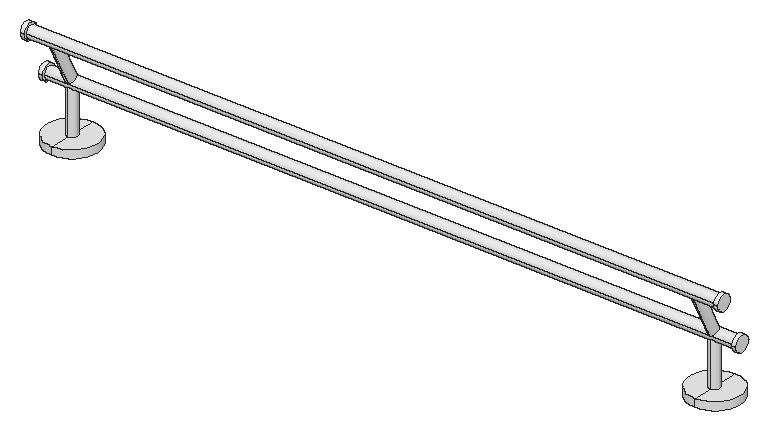
Revit family "Towel Rail-Double-Caroma Liano", category Specialty Equipment, host Face, Revit 2013
Parameters (values of type "Standard")
  URL = "http://www.caroma.com.au/"
  Type Comments = "Caroma Liano Double Towel Rail"  # constant formula
  Size = 1
  ModifiedIssue_ANZRS = 1  # constant formula
  Model = "96121C"  # constant formula
  Material_ANZRS = Metal-Chrome-Caroma
  Manufacturer = "GWA Bathrooms & Kitchens"  # constant formula
  Length_ANZRS = 760 mm  # constant formula
  Description = ""
  Default Elevation = 900 mm
  CreatedBy_ANZRS = "Design Content"  # constant formula
  CreatedByURL_ANZRS = "www.designcontent.com.au"
  Cost = 0
  Assembly Code = "C1030200"
Reference planes
  plane 1 "Center (Elevation)": y = 0
  plane 2 "Back": z = 0
  plane 3 "Center (Left/Right)": x = 0
  plane 4 "Left": x = -380
  plane 5 "Right": x = 380
  plane 6 "Top": y = 29.966
  plane 7 "Bottom": y = -30
  plane 8 "Front": z = 129
Forms (mm)
  Revolve 1, solid, material "Metal-Chrome-Caroma" <- "Material_ANZRS"
    sketch origin (-380, 0, 0) x (0, 1, 0) y (0, 0, 1)
      loop
        line (0, 0) -> (29.966, 0) -> (29.966, 9) -> (6, 9) -> (6, 65.399) -> (0, 65.399) -> (0, 0)
      axis (0, 65.399) -> (0, 0)
    angle from 0 to 360
  Extrusion 2, solid, material "Metal-Chrome-Caroma" <- "Material_ANZRS"
    sketch origin (0, 0, 0) x (0, 1, 0) y (0, 0, 1)
      loop
        circle (-26.896, 120.145) r 7
      loop
        circle (0, 64.985) r 7
    from -407.5 to 407.5
  Revolve 3, solid, material "Metal-Chrome-Caroma" <- "Material_ANZRS"
    sketch origin (380, 0, 0) x (0, 1, 0) y (0, 0, 1)
      loop
        line (0, 0) -> (29.966, 0) -> (29.966, 9) -> (6, 9) -> (6, 65.399) -> (0, 65.399) -> (0, 0)
      axis (0, 65.399) -> (0, 0)
    angle from 0 to 360
  Revolve 4, solid, material "Metal-Chrome-Caroma" <- "Material_ANZRS"
    sketch origin (-380, 0, 0) x (0, 1, 0) y (0, 0, 1)
      loop
        line (0, 65) -> (5.393, 67.63) -> (-21.679, 123.135) -> (-27.072, 120.505) -> (0, 65)
      axis (0, 65) -> (-27.072, 120.505)
    angle from 0 to 360
  Extrusion 5, solid, material "Metal-Chrome-Caroma" <- "Material_ANZRS"
    sketch origin (0, 0, 0) x (0, 1, 0) y (0, 0, 1)
      loop
        circle (-26.896, 120.145) r 9
      loop
        circle (0, 64.985) r 9
    from -412.5 to -407.5
  Extrusion 6, solid, material "Metal-Chrome-Caroma" <- "Material_ANZRS"
    sketch origin (0, 0, 0) x (0, 1, 0) y (0, 0, -1)
      loop
        circle (-26.896, -120.145) r 9
      loop
        circle (0, -64.985) r 9
    from -412.5 to -407.5
  Revolve 7, solid, material "Metal-Chrome-Caroma" <- "Material_ANZRS"
    sketch origin (380, 0, 0) x (0, 1, 0) y (0, 0, -1)
      loop
        line (0, -65) -> (-27.072, -120.505) -> (-21.679, -123.135) -> (5.393, -67.63) -> (0, -65)
      axis (0, -65) -> (-27.072, -120.505)
    angle from 0 to 360
Cuts and joins
  joined: Revolve 1, Extrusion 2, Revolve 3, Revolve 4, Extrusion 5, Extrusion 6, Revolve 7
Dimensions and locks
  "Length_ANZRS": plane 4 "Left" to plane 5 "Right"
  equal spacing: plane 4 "Left", plane 3 "Center (Left/Right)", plane 5 "Right"
  aligned and locked: plane 2 "Back" to host face
  aligned and locked: level to host face
Automatic sketch dimensions
  host sketch curve to host sketch curve = 2438.4 mm  (x2)
  Revolve 1 sketch curve to plane 1 "Center (Elevation)" = 0 mm  (x2)
  Revolve 1 sketch curve to plane 6 "Top" = 0 mm
  Revolve 1 sketch curve to level = 0 mm
  Revolve 1 sketch curve to Revolve 1 sketch curve = 6 mm
  level to Revolve 1 sketch curve = 9 mm
  Revolve 1 sketch curve to Revolve 1 sketch curve = 56.399 mm
  Revolve 1 sketch curve to Revolve 1 sketch curve = 24.096 mm
  Revolve 1 sketch curve to Revolve 1 sketch curve = 7.879 mm
  Extrusion 2 sketch curve to plane 1 "Center (Elevation)" = 0 mm
  Extrusion 2 sketch curve to plane 7 "Bottom" = 3.104 mm
  Extrusion 2 sketch curve to plane 8 "Front" = 64.015 mm
  Extrusion 2 sketch curve to plane 8 "Front" = 8.855 mm
  Revolve 3 sketch curve to plane 1 "Center (Elevation)" = 0 mm  (x2)
  Revolve 3 sketch curve to plane 6 "Top" = 0 mm
  Revolve 3 sketch curve to level = 0 mm
  Revolve 3 sketch curve to Revolve 3 sketch curve = 6 mm
  level to Revolve 3 sketch curve = 9 mm
  Revolve 3 sketch curve to Revolve 3 sketch curve = 56.399 mm
  Revolve 3 sketch curve to Revolve 3 sketch curve = 24.096 mm
  Revolve 3 sketch curve to Revolve 3 sketch curve = 7.879 mm
  Revolve 4 sketch curve to plane 1 "Center (Elevation)" = 0 mm
  Revolve 4 sketch curve to plane 8 "Front" = 64 mm
  Revolve 4 sketch curve to plane 7 "Bottom" = 8.321 mm
  Revolve 4 sketch curve to plane 7 "Bottom" = 2.928 mm
  plane 7 "Bottom" to Revolve 4 sketch curve = 7.049 mm
  Revolve 4 sketch curve to Revolve 4 sketch curve = 0 mm  (x2)
  Revolve 4 sketch curve to Revolve 4 sketch curve = 2.63 mm
  plane 8 "Front" to Revolve 4 sketch curve = 11.961 mm
  Extrusion 5 sketch curve to plane 1 "Center (Elevation)" = 0 mm
  Extrusion 5 sketch curve to plane 7 "Bottom" = 3.104 mm
  Extrusion 5 sketch curve to plane 8 "Front" = 64.015 mm
  Extrusion 5 sketch curve to plane 8 "Front" = 8.855 mm
  Extrusion 6 sketch curve to plane 1 "Center (Elevation)" = 0 mm
  Extrusion 6 sketch curve to plane 7 "Bottom" = 3.104 mm
  Extrusion 6 sketch curve to plane 8 "Front" = 8.855 mm
  Extrusion 6 sketch curve to Extrusion 6 sketch curve = 55.16 mm
  Revolve 7 sketch curve to plane 1 "Center (Elevation)" = 0 mm
  Revolve 7 sketch curve to plane 8 "Front" = 5.865 mm
  Revolve 7 sketch curve to plane 7 "Bottom" = 8.321 mm
  Revolve 7 sketch curve to plane 7 "Bottom" = 2.928 mm
  plane 7 "Bottom" to Revolve 7 sketch curve = 7.049 mm
  Revolve 7 sketch curve to Revolve 7 sketch curve = 0 mm  (x2)
  Revolve 7 sketch curve to Revolve 7 sketch curve = 2.63 mm
  plane 8 "Front" to Revolve 7 sketch curve = 11.961 mm
  radius of Extrusion 2 sketch curve = 7 mm  (x2)
  radius of Extrusion 5 sketch curve = 9 mm  (x2)
  radius of Extrusion 6 sketch curve = 9 mm  (x2)
